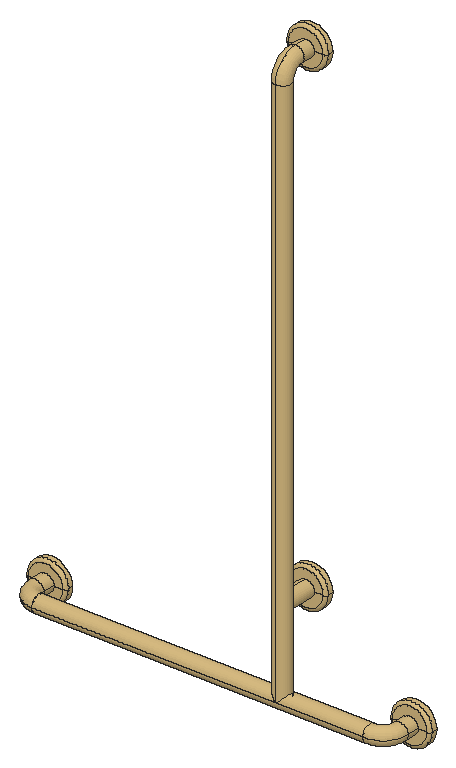
Revit family "RBA4805-711", category Plumbing Fixtures, Revit 2021
Family settings
  Round Connector Dimension = Use Diameter
  Part Type = Normal
  Work Plane-Based = No
  Always vertical = No
  Cut with Voids When Loaded = No
  Shared = No
  Room Calculation Point = No
Parameters (values of type "RBA4805-711-RH")
  Watermarked By = "www.rba.com.au"
  URL = "www.rba.com.au"
  Right Hand Rail = yes
  Phone Number = "1300 788 778"
  OFFSET [instance] = 800 mm
  Model = "RBA4805-711-RH"
  Materials & Finishes = PVD Brushed Brass Stainless Steel
  Manufacturer = "RBA Group"
  Left Hand Rail = no
  Horizontal Rail = yes
  Diameter = 32 mm
  Description = "RTA Brushed Brass T-Rail Right Hand"
  Default Elevation = 0 mm
  Copyright by = "RBA Group"
Types (2, lengths in mm): name | Right Hand Rail | Model | Left Hand Rail | Description
  RBA4805-711-LH | no | "RBA4801-711-RH" | yes | "RTA SSS T-Rail Right Hand"
  RBA4805-711-RH | yes | "RBA4805-711-RH" | no | "RTA Brushed Brass T-Rail Right Hand"
Reference planes
  plane 1 "Center (Front/Back)": y = 0
  plane 2: z = 0
  plane 3 "Center (Left/Right)": x = 0
  plane 4: z = 800
  plane 5: x = -500
  plane 6: x = 175
  plane 7: x = -16
  plane 8: x = 16
Forms (mm)
  Sweep 1, solid, material "PVD Brushed Brass Stainless Steel" <- "Materials & Finishes", visible <- "Horizontal Rail"
    path origin (0, 0, 0) x (-1, 0, 0) y (0, -1, 0)
      loop
        line (-187.5, 10) -> (-187.5, 39)
        arc (-187.5, 39) -> (-178.127, 61.627) -> (-155.5, 71) r 32
        line (-155.5, 71) -> (480.5, 71)
        arc (480.5, 71) -> (503.127, 61.627) -> (512.5, 39) r 32
        line (512.5, 39) -> (512.5, 10)
    profile origin (187.5, -24.5, 0) x (1, 0, 0) y (0, 0, 1)
      loop
        circle (0, 784) r 16
  Revolve 2, solid, material "PVD Brushed Brass Stainless Steel" <- "Materials & Finishes", visible <- "Horizontal Rail"
    sketch origin (12.98, 0, 784) x (-1, 0, 0) y (0, -1, 0)
      loop
        line (-175, 0) -> (-175, 15) -> (-208.179, 15)
        arc (-208.179, 15) -> (-212.295, 13.295) -> (-214, 9.179) r 5.821
        line (-214, 9.179) -> (-214, 0) -> (-175, 0)
      axis (-175, 15) -> (-175, 0)
    angle from 0 to 360
  Extrusion 3, solid, material "PVD Brushed Brass Stainless Steel" <- "Materials & Finishes", visible <- "Horizontal Rail"
    sketch origin (100.48, 0, 0) x (-1, 0, 0) y (0, 0, -1)
      loop
        circle (-87.5, -784) r 37.5
    from 0 to 10
  Extrusion 4, solid, material "PVD Brushed Brass Stainless Steel" <- "Materials & Finishes", visible <- "Horizontal Rail"
    sketch origin (-599.52, 0, 0) x (-1, 0, 0) y (0, 0, -1)
      loop
        circle (-87.5, -784) r 37.5
    from 0 to 10
  Extrusion 5, solid, material "PVD Brushed Brass Stainless Steel" <- "Materials & Finishes", visible <- "Left Hand Rail"
    sketch origin (-399.52, 0, 1096) x (-1, 0, 0) y (0, 0, -1)
      loop
        circle (-87.5, -784) r 37.5
    from 0 to 10
  Extrusion 6, void
    sketch origin (12.98, 0, 1100) x (-1, 0, 0) y (0, 0, -1)
      loop
        circle (-151.428, 301.836) r 5
      loop
        circle (-151.428, 330.164) r 5
      loop
        circle (-198.572, 301.836) r 5
      loop
        circle (-174.52, 343.496) r 5
      loop
        circle (-198.572, 330.164) r 5
    from 0 to 10
  Extrusion 7, void
    sketch origin (-687.02, 0, 1100) x (-1, 0, 0) y (0, 0, -1)
      loop
        circle (-151.428, 301.836) r 5
      loop
        circle (-151.428, 330.164) r 5
      loop
        circle (-198.572, 301.836) r 5
      loop
        circle (-174.52, 343.496) r 5
      loop
        circle (-198.572, 330.164) r 5
    from 0 to 10
  Revolve 8, solid, material "PVD Brushed Brass Stainless Steel" <- "Materials & Finishes", visible <- "Horizontal Rail"
    sketch origin (-687.02, 0, 784) x (-1, 0, 0) y (0, -1, 0)
      loop
        line (-175, 0) -> (-175, 15) -> (-208.179, 15)
        arc (-208.179, 15) -> (-212.295, 13.295) -> (-214, 9.179) r 5.821
        line (-214, 9.179) -> (-214, 0) -> (-175, 0)
      axis (-175, 15) -> (-175, 0)
    angle from 0 to 360
  Extrusion 9, solid, material "PVD Brushed Brass Stainless Steel" <- "Materials & Finishes", visible <- "Left Hand Rail"
    sketch origin (-399.52, 0, 166) x (-1, 0, 0) y (0, 0, -1)
      loop
        circle (-87.5, -784) r 37.5
    from 0 to 10
  Revolve 10, solid, material "PVD Brushed Brass Stainless Steel" <- "Materials & Finishes", visible <- "Left Hand Rail"
    sketch origin (-487.02, 0, 949.868) x (-1, 0, 0) y (0, -1, 0)
      loop
        line (-175, 0) -> (-175, 15) -> (-208.179, 15)
        arc (-208.179, 15) -> (-212.295, 13.295) -> (-214, 9.179) r 5.821
        line (-214, 9.179) -> (-214, 0) -> (-175, 0)
      axis (-175, 15) -> (-175, 0)
    angle from 0 to 360
  Extrusion 11, void
    sketch origin (-158, 0, 0) x (1, 0, 0) y (0, 0, 1)
      loop
        circle (-177.592, 964.164) r 5
      loop
        circle (-177.592, 935.836) r 5
      loop
        circle (-130.448, 964.164) r 5
      loop
        circle (-154.5, 922.504) r 5
      loop
        circle (-130.448, 935.836) r 5
    from 0 to 10
  Sweep 12, solid, material "PVD Brushed Brass Stainless Steel" <- "Materials & Finishes", visible <- "Left Hand Rail"
    path origin (-312.5, 0, 0) x (0, 1, 0) y (0, 0, -1)
      loop
        line (-10, -1880) -> (-39, -1880)
        arc (-39, -1880) -> (-61.627, -1870.627) -> (-71, -1848) r 32
        line (-71, -1848) -> (-71, -784)
    profile origin (-312.5, -24.5, 1880) x (0, 0, 1) y (-1, 0, 0)
      loop
        circle (0, 0) r 16
  Sweep 13, solid, material "PVD Brushed Brass Stainless Steel" <- "Materials & Finishes", visible <- "Left Hand Rail"
    path origin (-312.5, 0, 360) x (0, 1, 0) y (0, 0, -1)
      loop
        line (-71, -590) -> (-10, -590)
    profile origin (-312.5, -40.5, 950) x (0, 0, -1) y (-1, 0, 0)
      loop
        circle (0, 0) r 16
  Revolve 14, solid, material "PVD Brushed Brass Stainless Steel" <- "Materials & Finishes", visible <- "Left Hand Rail"
    sketch origin (-487.02, 0, 1880) x (-1, 0, 0) y (0, -1, 0)
      loop
        line (-175, 0) -> (-175, 15) -> (-208.179, 15)
        arc (-208.179, 15) -> (-212.295, 13.295) -> (-214, 9.179) r 5.821
        line (-214, 9.179) -> (-214, 0) -> (-175, 0)
      axis (-175, 15) -> (-175, 0)
    angle from 0 to 360
  Extrusion 15, void
    sketch origin (0, 0, 0) x (1, 0, 0) y (0, 0, 1)
      loop
        circle (-335.592, 1894.164) r 5
      loop
        circle (-335.592, 1865.836) r 5
      loop
        circle (-288.448, 1894.164) r 5
      loop
        circle (-312.5, 1852.504) r 5
      loop
        circle (-288.448, 1865.836) r 5
    from 0 to 10
  Extrusion 16, solid, material "PVD Brushed Brass Stainless Steel" <- "Materials & Finishes", visible <- "Right Hand Rail"
    sketch origin (-99.52, 0, 1096) x (-1, 0, 0) y (0, 0, -1)
      loop
        circle (-87.5, -784) r 37.5
    from 0 to 10
  Extrusion 17, solid, material "PVD Brushed Brass Stainless Steel" <- "Materials & Finishes", visible <- "Right Hand Rail"
    sketch origin (-99.52, 0, 166) x (-1, 0, 0) y (0, 0, -1)
      loop
        circle (-87.5, -784) r 37.5
    from 0 to 10
  Revolve 18, solid, material "PVD Brushed Brass Stainless Steel" <- "Materials & Finishes", visible <- "Right Hand Rail"
    sketch origin (-187.02, 0, 949.868) x (-1, 0, 0) y (0, -1, 0)
      loop
        line (-175, 0) -> (-175, 15) -> (-208.179, 15)
        arc (-208.179, 15) -> (-212.295, 13.295) -> (-214, 9.179) r 5.821
        line (-214, 9.179) -> (-214, 0) -> (-175, 0)
      axis (-175, 15) -> (-175, 0)
    angle from 0 to 360
  Extrusion 19, void
    sketch origin (142, 0, 0) x (1, 0, 0) y (0, 0, 1)
      loop
        circle (-177.592, 964.164) r 5
      loop
        circle (-177.592, 935.836) r 5
      loop
        circle (-130.448, 964.164) r 5
      loop
        circle (-154.5, 922.504) r 5
      loop
        circle (-130.448, 935.836) r 5
    from 0 to 10
  Sweep 20, solid, material "PVD Brushed Brass Stainless Steel" <- "Materials & Finishes", visible <- "Right Hand Rail"
    path origin (-12.5, 0, 0) x (0, 1, 0) y (0, 0, -1)
      loop
        line (-10, -1880) -> (-39, -1880)
        arc (-39, -1880) -> (-61.627, -1870.627) -> (-71, -1848) r 32
        line (-71, -1848) -> (-71, -784)
    profile origin (-12.5, -24.5, 1880) x (0, 0, 1) y (-1, 0, 0)
      loop
        circle (0, 0) r 16
  Sweep 21, solid, material "PVD Brushed Brass Stainless Steel" <- "Materials & Finishes", visible <- "Right Hand Rail"
    path origin (-12.5, 0, 360) x (0, 1, 0) y (0, 0, -1)
      loop
        line (-71, -590) -> (-10, -590)
    profile origin (-12.5, -40.5, 950) x (0, 0, -1) y (-1, 0, 0)
      loop
        circle (0, 0) r 16
  Revolve 22, solid, material "PVD Brushed Brass Stainless Steel" <- "Materials & Finishes", visible <- "Right Hand Rail"
    sketch origin (-187.02, 0, 1880) x (-1, 0, 0) y (0, -1, 0)
      loop
        line (-175, 0) -> (-175, 15) -> (-208.179, 15)
        arc (-208.179, 15) -> (-212.295, 13.295) -> (-214, 9.179) r 5.821
        line (-214, 9.179) -> (-214, 0) -> (-175, 0)
      axis (-175, 15) -> (-175, 0)
    angle from 0 to 360
  Extrusion 23, void
    sketch origin (300, 0, 0) x (1, 0, 0) y (0, 0, 1)
      loop
        circle (-335.592, 1894.164) r 5
      loop
        circle (-335.592, 1865.836) r 5
      loop
        circle (-288.448, 1894.164) r 5
      loop
        circle (-312.5, 1852.504) r 5
      loop
        circle (-288.448, 1865.836) r 5
    from 0 to 10
Cuts and joins
  Extrusion 6 cuts Extrusion 3
  Extrusion 7 cuts Extrusion 4
  Extrusion 6 cuts Revolve 2
  Extrusion 7 cuts Revolve 8
  joined: Sweep 1, Revolve 2, Revolve 8
  Extrusion 11, Extrusion 19 cuts Extrusion 9
  Extrusion 11, Extrusion 19 cuts Revolve 10
  Extrusion 15, Extrusion 23 cuts Extrusion 5
  Extrusion 15, Extrusion 23 cuts Revolve 14
  Extrusion 19 cuts Extrusion 17
  Extrusion 19 cuts Revolve 18
  Extrusion 23 cuts Extrusion 16
  Extrusion 23 cuts Revolve 22
Dimensions and locks
  "OFFSET": plane 4 to level
  aligned and locked: level to plane 2
Automatic sketch dimensions
  plane 1 "Center (Front/Back)" to Sweep 1 sketch curve = 39 mm  (x2)
  plane 3 "Center (Left/Right)" to Sweep 1 sketch curve = 187.5 mm
  Sweep 1 sketch curve to Sweep 1 sketch curve = 32 mm
  Sweep 1 sketch curve to Sweep 1 sketch curve = 636 mm
  plane 1 "Center (Front/Back)" to Sweep 1 sketch curve = 10 mm  (x2)
  profile plane to Sweep 1 sketch curve = 0 mm
  profile plane to Sweep 1 sketch curve = 784 mm
  plane 1 "Center (Front/Back)" to Revolve 2 sketch curve = 0 mm  (x2)
  plane 1 "Center (Front/Back)" to Revolve 2 sketch curve = 9.179 mm
  plane 3 "Center (Left/Right)" to Revolve 2 sketch curve = 226.98 mm
  Revolve 2 sketch curve to Revolve 2 sketch curve = 5.821 mm
  Revolve 2 sketch curve to Revolve 2 sketch curve = 33.179 mm
  Revolve 2 sketch curve to Revolve 2 sketch curve = 0 mm
  Revolve 2 sketch curve to plane 1 "Center (Front/Back)" = 10 mm
  Extrusion 3 sketch curve to plane 4 = 16 mm
  plane 3 "Center (Left/Right)" to Extrusion 3 sketch curve = 187.98 mm
  Extrusion 4 sketch curve to plane 4 = 16 mm
  Extrusion 4 sketch curve to plane 3 "Center (Left/Right)" = 512.02 mm
  Extrusion 5 sketch curve to plane 3 "Center (Left/Right)" = 312.02 mm
  plane 4 to Extrusion 5 sketch curve = 1080 mm
  Extrusion 6 sketch curve to plane 4 = 1.836 mm  (x2)
  plane 3 "Center (Left/Right)" to Extrusion 6 sketch curve = 211.552 mm
  Extrusion 6 sketch curve to Extrusion 6 sketch curve = 0 mm  (x2)
  Extrusion 6 sketch curve to Extrusion 6 sketch curve = 24.052 mm
  Extrusion 6 sketch curve to Extrusion 6 sketch curve = 23.092 mm
  Extrusion 6 sketch curve to Extrusion 6 sketch curve = 28.327 mm  (x2)
  Extrusion 6 sketch curve to Extrusion 6 sketch curve = 13.332 mm
  Extrusion 7 sketch curve to plane 4 = 1.836 mm  (x2)
  Extrusion 7 sketch curve to plane 3 "Center (Left/Right)" = 488.448 mm
  Extrusion 7 sketch curve to Extrusion 7 sketch curve = 0 mm  (x2)
  Extrusion 7 sketch curve to Extrusion 7 sketch curve = 24.052 mm
  Extrusion 7 sketch curve to Extrusion 7 sketch curve = 23.092 mm
  Extrusion 7 sketch curve to Extrusion 7 sketch curve = 28.327 mm  (x2)
  Extrusion 7 sketch curve to Extrusion 7 sketch curve = 13.332 mm
  plane 1 "Center (Front/Back)" to Revolve 8 sketch curve = 0 mm  (x2)
  plane 1 "Center (Front/Back)" to Revolve 8 sketch curve = 9.179 mm
  Revolve 8 sketch curve to plane 3 "Center (Left/Right)" = 473.02 mm
  Revolve 8 sketch curve to Revolve 8 sketch curve = 5.821 mm
  Revolve 8 sketch curve to Revolve 8 sketch curve = 33.179 mm
  Revolve 8 sketch curve to Revolve 8 sketch curve = 0 mm
  Revolve 8 sketch curve to plane 1 "Center (Front/Back)" = 10 mm
  Extrusion 9 sketch curve to plane 7 = 296.02 mm
  plane 4 to Extrusion 9 sketch curve = 150 mm
  plane 1 "Center (Front/Back)" to Revolve 10 sketch curve = 0 mm  (x2)
  plane 1 "Center (Front/Back)" to Revolve 10 sketch curve = 9.179 mm
  Revolve 10 sketch curve to plane 7 = 257.02 mm
  Revolve 10 sketch curve to Revolve 10 sketch curve = 5.821 mm
  Revolve 10 sketch curve to Revolve 10 sketch curve = 33.179 mm
  Revolve 10 sketch curve to Revolve 10 sketch curve = 0 mm
  Revolve 10 sketch curve to Revolve 10 sketch curve = 10 mm
  Extrusion 11 sketch curve to plane 7 = 319.592 mm
  Extrusion 11 sketch curve to Extrusion 11 sketch curve = 0 mm  (x2)
  Extrusion 11 sketch curve to Extrusion 11 sketch curve = 23.092 mm
  Extrusion 11 sketch curve to Extrusion 11 sketch curve = 24.052 mm
  plane 4 to Extrusion 11 sketch curve = 122.504 mm
  Extrusion 11 sketch curve to Extrusion 11 sketch curve = 13.332 mm  (x2)
  Extrusion 11 sketch curve to Extrusion 11 sketch curve = 28.327 mm  (x2)
  plane 1 "Center (Front/Back)" to Sweep 12 sketch curve = 71 mm
  Sweep 12 sketch curve to Sweep 12 sketch curve = 32 mm
  plane 4 to Sweep 12 sketch curve = 1080 mm
  plane 1 "Center (Front/Back)" to Sweep 12 sketch curve = 10 mm
  Sweep 12 sketch curve to plane 4 = 16 mm
  Sweep 12 sketch curve to profile plane = 0 mm
  profile plane to Sweep 12 sketch curve = 0 mm
  plane 1 "Center (Front/Back)" to Sweep 13 sketch curve = 71 mm
  plane 1 "Center (Front/Back)" to Sweep 13 sketch curve = 10 mm
  plane 4 to Sweep 13 sketch curve = 150 mm
  Sweep 13 sketch curve to profile plane = 0 mm
  profile plane to Sweep 13 sketch curve = 0 mm
  plane 1 "Center (Front/Back)" to Revolve 14 sketch curve = 0 mm  (x2)
  plane 1 "Center (Front/Back)" to Revolve 14 sketch curve = 9.179 mm
  plane 5 to Revolve 14 sketch curve = 226.98 mm
  Revolve 14 sketch curve to Revolve 14 sketch curve = 5.821 mm
  Revolve 14 sketch curve to Revolve 14 sketch curve = 33.179 mm
  Revolve 14 sketch curve to Revolve 14 sketch curve = 0 mm
  Revolve 14 sketch curve to Revolve 14 sketch curve = 10 mm
  plane 5 to Extrusion 15 sketch curve = 164.408 mm
  Extrusion 15 sketch curve to Extrusion 15 sketch curve = 0 mm  (x2)
  Extrusion 15 sketch curve to Extrusion 15 sketch curve = 23.092 mm
  Extrusion 15 sketch curve to Extrusion 15 sketch curve = 24.052 mm
  plane 4 to Extrusion 15 sketch curve = 1052.504 mm
  Extrusion 15 sketch curve to Extrusion 15 sketch curve = 13.332 mm  (x2)
  Extrusion 15 sketch curve to Extrusion 15 sketch curve = 28.327 mm  (x2)
  plane 7 to Extrusion 16 sketch curve = 3.98 mm
  plane 4 to Extrusion 16 sketch curve = 1080 mm
  plane 7 to Extrusion 17 sketch curve = 3.98 mm
  plane 4 to Extrusion 17 sketch curve = 150 mm
  plane 1 "Center (Front/Back)" to Revolve 18 sketch curve = 0 mm  (x2)
  Revolve 18 sketch curve to plane 8 = 10.98 mm
  Revolve 18 sketch curve to plane 8 = 5.159 mm
  plane 7 to Revolve 18 sketch curve = 3.98 mm
  plane 1 "Center (Front/Back)" to Revolve 18 sketch curve = 9.179 mm
  Revolve 18 sketch curve to Revolve 18 sketch curve = 0 mm
  Revolve 18 sketch curve to Revolve 18 sketch curve = 10 mm
  Extrusion 19 sketch curve to plane 7 = 19.592 mm  (x2)
  plane 7 to Extrusion 19 sketch curve = 3.5 mm
  plane 8 to Extrusion 19 sketch curve = 4.448 mm  (x2)
  plane 4 to Extrusion 19 sketch curve = 122.504 mm
  Extrusion 19 sketch curve to Extrusion 19 sketch curve = 13.332 mm  (x2)
  Extrusion 19 sketch curve to Extrusion 19 sketch curve = 28.327 mm  (x2)
  plane 1 "Center (Front/Back)" to Sweep 20 sketch curve = 71 mm
  Sweep 20 sketch curve to Sweep 20 sketch curve = 32 mm
  plane 4 to Sweep 20 sketch curve = 1080 mm
  plane 1 "Center (Front/Back)" to Sweep 20 sketch curve = 10 mm
  Sweep 20 sketch curve to plane 4 = 16 mm
  Sweep 20 sketch curve to profile plane = 0 mm
  profile plane to Sweep 20 sketch curve = 0 mm
  plane 1 "Center (Front/Back)" to Sweep 21 sketch curve = 71 mm
  plane 1 "Center (Front/Back)" to Sweep 21 sketch curve = 10 mm
  plane 4 to Sweep 21 sketch curve = 150 mm
  Sweep 21 sketch curve to profile plane = 0 mm
  profile plane to Sweep 21 sketch curve = 0 mm
  plane 1 "Center (Front/Back)" to Revolve 22 sketch curve = 0 mm  (x2)
  Revolve 22 sketch curve to plane 8 = 10.98 mm
  Revolve 22 sketch curve to plane 8 = 5.159 mm
  plane 7 to Revolve 22 sketch curve = 3.98 mm
  plane 1 "Center (Front/Back)" to Revolve 22 sketch curve = 9.179 mm
  Revolve 22 sketch curve to Revolve 22 sketch curve = 0 mm
  Revolve 22 sketch curve to plane 1 "Center (Front/Back)" = 10 mm
  Extrusion 23 sketch curve to plane 7 = 19.592 mm  (x2)
  plane 7 to Extrusion 23 sketch curve = 3.5 mm
  plane 8 to Extrusion 23 sketch curve = 4.448 mm  (x2)
  plane 4 to Extrusion 23 sketch curve = 1052.504 mm
  Extrusion 23 sketch curve to Extrusion 23 sketch curve = 13.332 mm  (x2)
  Extrusion 23 sketch curve to Extrusion 23 sketch curve = 28.327 mm  (x2)
  radius of Sweep 1 sketch curve = 16 mm
  radius of Extrusion 3 sketch curve = 37.5 mm
  radius of Extrusion 4 sketch curve = 37.5 mm
  radius of Extrusion 5 sketch curve = 37.5 mm
  radius of Extrusion 6 sketch curve = 5 mm  (x5)
  radius of Extrusion 7 sketch curve = 5 mm  (x5)
  radius of Extrusion 9 sketch curve = 37.5 mm
  radius of Extrusion 11 sketch curve = 5 mm  (x5)
  radius of Sweep 12 sketch curve = 16 mm
  radius of Sweep 13 sketch curve = 16 mm
  radius of Extrusion 15 sketch curve = 5 mm  (x5)
  radius of Extrusion 16 sketch curve = 37.5 mm
  radius of Extrusion 17 sketch curve = 37.5 mm
  radius of Extrusion 19 sketch curve = 5 mm  (x5)
  radius of Sweep 20 sketch curve = 16 mm
  radius of Sweep 21 sketch curve = 16 mm
  radius of Extrusion 23 sketch curve = 5 mm  (x5)
